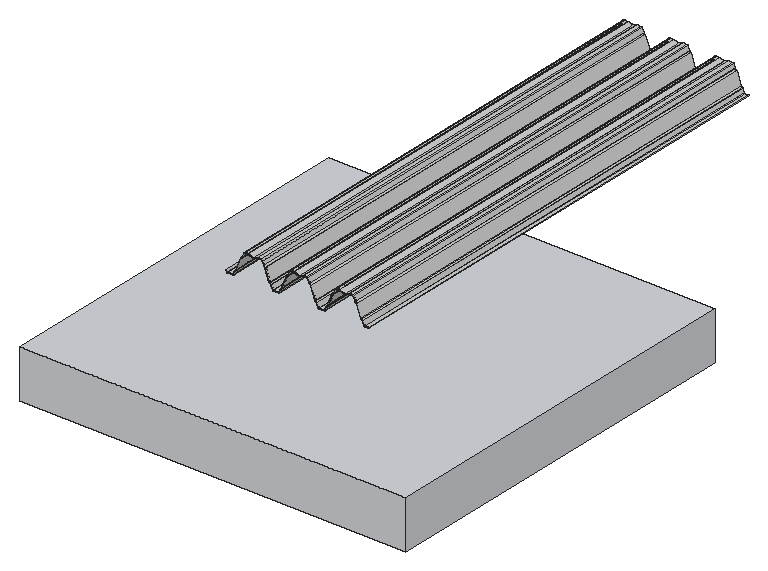
Revit family "Trapézový plech CB 150_290", category Obecné modely, Revit 2016
Family settings
  Hostitel = Plocha
  Typ součásti = Normální
  Může být hostitelem pro výztuž = Ne
  Kóta kulaté spojky = Použít průměr
  Ořezat dutým tvarem při načtení = Ne
  Sdílené = Ne
  Bod výpočtu místnosti = Ne
Parameters
  Šířka prvku - ořezání [instance] = 905 mm
  Šířka [instance] = 880 mm  # constant formula
  Výrobce = "CB profil a. s."  # constant formula
  Default Elevation = 0 mm
  URL = "https://www.cbprofil.cz/vyrobni-program/trapezove-plechy-vyroba-cb/"
  Třída oceli [instance] = Třída oceli : S 320 GD
  Tloušťka [instance] = 1 mm
  Pozitivní [instance] = not(Negativní)  # yes
  Popis = "CB 150/290"
  Negativní [instance] = no
  F2 barva [instance] = Pozink
  F1 barva [instance] = Pozink
  Délka [instance] = 3000 mm
  CB FLIS [instance] = no
Reference planes
  plane 1 "Střed (vpředu/vzadu)": y = 0
  plane 2: z = 0
  plane 3 "Střed (vlevo/vpravo)": x = 0
  plane 4 "trapézový plech": z = 0
  plane 5 "oříznutí": x = -905
  plane 6: x = -1219.2
  plane 7: x = -869
  plane 8: z = 151.296
Forms (mm)
  Extrusion 1, solid
    sketch origin (0, 0, 0) x (1, 0, 0) y (0, 1, 0)
      loop
        line (-1219.2, 1219.2) -> (-1219.2, -1219.2) -> (1219.2, -1219.2) -> (1219.2, 1219.2) -> (-1219.2, 1219.2)
    from 0 to -304.8
  Sweep 2, solid, material "Pozink" <- "F2 barva", visible <- "Pozitivní"
    path origin (0, 0, 0) x (-1, 0, 0) y (0, -1, 0)
      loop
        line (0, 0) -> (0, -3000)
    profile "CB 150_290 : CB 150_290" origin (0, 1500, 0) x (-1, 0, 0) y (0, 0, 1)
      loop
        line (895.142, 15.036) -> (894.202, 15.378) -> (889.927, 3.632)
        arc (889.927, 3.632) -> (888.463, 1.723) -> (886.168, 1) r 4
        line (886.168, 1) -> (868.818, 1) -> (851.468, 1)
        arc (851.468, 1) -> (849.173, 1.723) -> (847.709, 3.632) r 4
        line (847.709, 3.632) -> (839.159, 27.124)
        arc (839.159, 27.124) -> (838.678, 28.1) -> (837.996, 28.949) r 5
        line (837.996, 28.949) -> (828.802, 38.144)
        arc (828.802, 38.144) -> (828.257, 38.823) -> (827.872, 39.604) r 4
        line (827.872, 39.604) -> (801.874, 111.035)
        arc (801.874, 111.035) -> (801.392, 112.011) -> (800.711, 112.86) r 5
        line (800.711, 112.86) -> (791.518, 122.053)
        arc (791.518, 122.053) -> (790.973, 122.732) -> (790.588, 123.514) r 4
        line (790.588, 123.514) -> (782.038, 147.006)
        arc (782.038, 147.006) -> (780.207, 149.392) -> (777.339, 150.296) r 5
        line (777.339, 150.296) -> (754.017, 150.296)
        arc (754.017, 150.296) -> (753.177, 150.225) -> (752.36, 150.013) r 5
        line (752.36, 150.013) -> (725.341, 140.522)
        arc (725.341, 140.522) -> (724.015, 140.295) -> (722.689, 140.522) r 4
        line (722.689, 140.522) -> (695.67, 150.013)
        arc (695.67, 150.013) -> (694.853, 150.225) -> (694.013, 150.296) r 5
        line (694.013, 150.296) -> (670.691, 150.296)
        arc (670.691, 150.296) -> (667.823, 149.392) -> (665.992, 147.006) r 5
        line (665.992, 147.006) -> (657.442, 123.514)
        arc (657.442, 123.514) -> (657.057, 122.732) -> (656.512, 122.053) r 4
        line (656.512, 122.053) -> (647.319, 112.86)
        arc (647.319, 112.86) -> (646.638, 112.011) -> (646.156, 111.035) r 5
        line (646.156, 111.035) -> (620.158, 39.604)
        arc (620.158, 39.604) -> (619.773, 38.823) -> (619.228, 38.144) r 4
        line (619.228, 38.144) -> (610.034, 28.949)
        arc (610.034, 28.949) -> (609.352, 28.1) -> (608.871, 27.124) r 5
        line (608.871, 27.124) -> (600.321, 3.632)
        arc (600.321, 3.632) -> (598.857, 1.723) -> (596.562, 1) r 4
        line (596.562, 1) -> (579.212, 1) -> (561.862, 1)
        arc (561.862, 1) -> (559.567, 1.723) -> (558.103, 3.632) r 4
        line (558.103, 3.632) -> (549.553, 27.124)
        arc (549.553, 27.124) -> (549.072, 28.1) -> (548.39, 28.949) r 5
        line (548.39, 28.949) -> (539.196, 38.144)
        arc (539.196, 38.144) -> (538.651, 38.823) -> (538.266, 39.604) r 4
        line (538.266, 39.604) -> (512.268, 111.035)
        arc (512.268, 111.035) -> (511.786, 112.011) -> (511.105, 112.86) r 5
        line (511.105, 112.86) -> (501.912, 122.053)
        arc (501.912, 122.053) -> (501.367, 122.732) -> (500.982, 123.514) r 4
        line (500.982, 123.514) -> (492.432, 147.006)
        arc (492.432, 147.006) -> (490.601, 149.392) -> (487.733, 150.296) r 5
        line (487.733, 150.296) -> (464.411, 150.296)
        arc (464.411, 150.296) -> (463.571, 150.225) -> (462.754, 150.013) r 5
        line (462.754, 150.013) -> (435.735, 140.522)
        arc (435.735, 140.522) -> (434.409, 140.295) -> (433.083, 140.522) r 4
        line (433.083, 140.522) -> (406.064, 150.013)
        arc (406.064, 150.013) -> (405.247, 150.225) -> (404.407, 150.296) r 5
        line (404.407, 150.296) -> (381.085, 150.296)
        arc (381.085, 150.296) -> (378.217, 149.392) -> (376.386, 147.006) r 5
        line (376.386, 147.006) -> (367.836, 123.514)
        arc (367.836, 123.514) -> (367.451, 122.732) -> (366.906, 122.053) r 4
        line (366.906, 122.053) -> (357.713, 112.86)
        arc (357.713, 112.86) -> (357.032, 112.011) -> (356.55, 111.035) r 5
        line (356.55, 111.035) -> (330.552, 39.604)
        arc (330.552, 39.604) -> (330.167, 38.823) -> (329.622, 38.144) r 4
        line (329.622, 38.144) -> (320.428, 28.949)
        arc (320.428, 28.949) -> (319.746, 28.1) -> (319.265, 27.124) r 5
        line (319.265, 27.124) -> (310.715, 3.632)
        arc (310.715, 3.632) -> (309.251, 1.723) -> (306.956, 1) r 4
        line (306.956, 1) -> (289.606, 1) -> (272.256, 1)
        arc (272.256, 1) -> (269.961, 1.723) -> (268.497, 3.632) r 4
        line (268.497, 3.632) -> (259.947, 27.124)
        arc (259.947, 27.124) -> (259.466, 28.1) -> (258.784, 28.949) r 5
        line (258.784, 28.949) -> (249.59, 38.144)
        arc (249.59, 38.144) -> (249.045, 38.823) -> (248.66, 39.604) r 4
        line (248.66, 39.604) -> (222.662, 111.035)
        arc (222.662, 111.035) -> (222.18, 112.011) -> (221.499, 112.86) r 5
        line (221.499, 112.86) -> (212.306, 122.053)
        arc (212.306, 122.053) -> (211.761, 122.732) -> (211.376, 123.514) r 4
        line (211.376, 123.514) -> (202.826, 147.006)
        arc (202.826, 147.006) -> (200.995, 149.392) -> (198.127, 150.296) r 5
        line (198.127, 150.296) -> (174.805, 150.296)
        arc (174.805, 150.296) -> (173.965, 150.225) -> (173.148, 150.013) r 5
        line (173.148, 150.013) -> (146.129, 140.522)
        arc (146.129, 140.522) -> (144.803, 140.295) -> (143.477, 140.522) r 4
        line (143.477, 140.522) -> (116.458, 150.013)
        arc (116.458, 150.013) -> (115.641, 150.225) -> (114.801, 150.296) r 5
        line (114.801, 150.296) -> (91.479, 150.296)
        arc (91.479, 150.296) -> (88.611, 149.392) -> (86.78, 147.006) r 5
        line (86.78, 147.006) -> (78.23, 123.514)
        arc (78.23, 123.514) -> (77.845, 122.732) -> (77.3, 122.053) r 4
        line (77.3, 122.053) -> (68.107, 112.86)
        arc (68.107, 112.86) -> (67.426, 112.011) -> (66.944, 111.035) r 5
        line (66.944, 111.035) -> (40.946, 39.604)
        arc (40.946, 39.604) -> (40.561, 38.823) -> (40.016, 38.144) r 4
        line (40.016, 38.144) -> (30.822, 28.949)
        arc (30.822, 28.949) -> (30.14, 28.1) -> (29.659, 27.124) r 5
        line (29.659, 27.124) -> (21.109, 3.632)
        arc (21.109, 3.632) -> (19.645, 1.723) -> (17.35, 1) r 4
        line (17.35, 1) -> (0, 1) -> (-6, 1) -> (-6, 0) -> (0, 0) -> (17.35, 0)
        arc (17.35, 0) -> (20.218, 0.904) -> (22.049, 3.29) r 5
        line (22.049, 3.29) -> (30.599, 26.782)
        arc (30.599, 26.782) -> (30.984, 27.563) -> (31.529, 28.242) r 4
        line (31.529, 28.242) -> (40.723, 37.437)
        arc (40.723, 37.437) -> (41.404, 38.286) -> (41.886, 39.262) r 5
        line (41.886, 39.262) -> (67.884, 110.693)
        arc (67.884, 110.693) -> (68.269, 111.474) -> (68.814, 112.153) r 4
        line (68.814, 112.153) -> (78.007, 121.346)
        arc (78.007, 121.346) -> (78.689, 122.195) -> (79.17, 123.172) r 5
        line (79.17, 123.172) -> (87.72, 146.664)
        arc (87.72, 146.664) -> (89.184, 148.573) -> (91.479, 149.296) r 4
        line (91.479, 149.296) -> (114.801, 149.296)
        arc (114.801, 149.296) -> (115.473, 149.239) -> (116.126, 149.07) r 4
        line (116.126, 149.07) -> (143.146, 139.578)
        arc (143.146, 139.578) -> (144.803, 139.295) -> (146.46, 139.578) r 5
        line (146.46, 139.578) -> (173.48, 149.07)
        arc (173.48, 149.07) -> (174.133, 149.239) -> (174.805, 149.296) r 4
        line (174.805, 149.296) -> (198.127, 149.296)
        arc (198.127, 149.296) -> (200.422, 148.573) -> (201.886, 146.664) r 4
        line (201.886, 146.664) -> (210.436, 123.172)
        arc (210.436, 123.172) -> (210.917, 122.195) -> (211.599, 121.346) r 5
        line (211.599, 121.346) -> (220.792, 112.153)
        arc (220.792, 112.153) -> (221.337, 111.474) -> (221.722, 110.693) r 4
        line (221.722, 110.693) -> (247.72, 39.262)
        arc (247.72, 39.262) -> (248.202, 38.286) -> (248.883, 37.437) r 5
        line (248.883, 37.437) -> (258.077, 28.242)
        arc (258.077, 28.242) -> (258.622, 27.563) -> (259.007, 26.782) r 4
        line (259.007, 26.782) -> (267.557, 3.29)
        arc (267.557, 3.29) -> (269.388, 0.904) -> (272.256, 0) r 5
        line (272.256, 0) -> (289.606, 0) -> (306.956, 0)
        arc (306.956, 0) -> (309.824, 0.904) -> (311.655, 3.29) r 5
        line (311.655, 3.29) -> (320.205, 26.782)
        arc (320.205, 26.782) -> (320.59, 27.563) -> (321.135, 28.242) r 4
        line (321.135, 28.242) -> (330.329, 37.437)
        arc (330.329, 37.437) -> (331.01, 38.286) -> (331.492, 39.262) r 5
        line (331.492, 39.262) -> (357.49, 110.693)
        arc (357.49, 110.693) -> (357.875, 111.474) -> (358.42, 112.153) r 4
        line (358.42, 112.153) -> (367.613, 121.346)
        arc (367.613, 121.346) -> (368.295, 122.195) -> (368.776, 123.172) r 5
        line (368.776, 123.172) -> (377.326, 146.664)
        arc (377.326, 146.664) -> (378.79, 148.573) -> (381.085, 149.296) r 4
        line (381.085, 149.296) -> (404.407, 149.296)
        arc (404.407, 149.296) -> (405.079, 149.239) -> (405.732, 149.07) r 4
        line (405.732, 149.07) -> (432.752, 139.578)
        arc (432.752, 139.578) -> (434.409, 139.295) -> (436.066, 139.578) r 5
        line (436.066, 139.578) -> (463.086, 149.07)
        arc (463.086, 149.07) -> (463.739, 149.239) -> (464.411, 149.296) r 4
        line (464.411, 149.296) -> (487.733, 149.296)
        arc (487.733, 149.296) -> (490.028, 148.573) -> (491.492, 146.664) r 4
        line (491.492, 146.664) -> (500.042, 123.172)
        arc (500.042, 123.172) -> (500.523, 122.195) -> (501.205, 121.346) r 5
        line (501.205, 121.346) -> (510.398, 112.153)
        arc (510.398, 112.153) -> (510.943, 111.474) -> (511.328, 110.693) r 4
        line (511.328, 110.693) -> (537.326, 39.262)
        arc (537.326, 39.262) -> (537.808, 38.286) -> (538.489, 37.437) r 5
        line (538.489, 37.437) -> (547.683, 28.242)
        arc (547.683, 28.242) -> (548.228, 27.563) -> (548.613, 26.782) r 4
        line (548.613, 26.782) -> (557.163, 3.29)
        arc (557.163, 3.29) -> (558.994, 0.904) -> (561.862, 0) r 5
        line (561.862, 0) -> (579.212, 0) -> (596.562, 0)
        arc (596.562, 0) -> (599.43, 0.904) -> (601.261, 3.29) r 5
        line (601.261, 3.29) -> (609.811, 26.782)
        arc (609.811, 26.782) -> (610.196, 27.563) -> (610.741, 28.242) r 4
        line (610.741, 28.242) -> (619.935, 37.437)
        arc (619.935, 37.437) -> (620.616, 38.286) -> (621.098, 39.262) r 5
        line (621.098, 39.262) -> (647.096, 110.693)
        arc (647.096, 110.693) -> (647.481, 111.474) -> (648.026, 112.153) r 4
        line (648.026, 112.153) -> (657.219, 121.346)
        arc (657.219, 121.346) -> (657.901, 122.195) -> (658.382, 123.172) r 5
        line (658.382, 123.172) -> (666.932, 146.664)
        arc (666.932, 146.664) -> (668.396, 148.573) -> (670.691, 149.296) r 4
        line (670.691, 149.296) -> (694.013, 149.296)
        arc (694.013, 149.296) -> (694.685, 149.239) -> (695.338, 149.07) r 4
        line (695.338, 149.07) -> (722.358, 139.578)
        arc (722.358, 139.578) -> (724.015, 139.295) -> (725.672, 139.578) r 5
        line (725.672, 139.578) -> (752.692, 149.07)
        arc (752.692, 149.07) -> (753.345, 149.239) -> (754.017, 149.296) r 4
        line (754.017, 149.296) -> (777.339, 149.296)
        arc (777.339, 149.296) -> (779.634, 148.573) -> (781.098, 146.664) r 4
        line (781.098, 146.664) -> (789.648, 123.172)
        arc (789.648, 123.172) -> (790.129, 122.195) -> (790.811, 121.346) r 5
        line (790.811, 121.346) -> (800.004, 112.153)
        arc (800.004, 112.153) -> (800.549, 111.474) -> (800.934, 110.693) r 4
        line (800.934, 110.693) -> (826.932, 39.262)
        arc (826.932, 39.262) -> (827.414, 38.286) -> (828.095, 37.437) r 5
        line (828.095, 37.437) -> (837.289, 28.242)
        arc (837.289, 28.242) -> (837.834, 27.563) -> (838.219, 26.782) r 4
        line (838.219, 26.782) -> (846.769, 3.29)
        arc (846.769, 3.29) -> (848.6, 0.904) -> (851.468, 0) r 5
        line (851.468, 0) -> (868.818, 0) -> (886.168, 0)
        arc (886.168, 0) -> (889.036, 0.904) -> (890.867, 3.29) r 5
        line (890.867, 3.29) -> (895.142, 15.036)
  Extrusion 3, void
    sketch origin (0, 0, 0) x (1, 0, 0) y (0, 0, 1)
      loop
        line (-1219.2, 0) -> (-905, 0) -> (-905, 151.296) -> (-1219.2, 151.296) -> (-1219.2, 0)
    from 0 to -3000
  Sweep 4, solid, material "Pozink" <- "F2 barva", visible <- "Negativní"
    path origin (0, 0, 0) x (-1, 0, 0) y (0, -1, 0)
      loop
        line (0, 0) -> (0, -3000)
    profile "CB 150_290_neg : CB 150_290_neg" origin (0, 1500, 0) x (-1, 0, 0) y (0, 0, 1)
      loop
        line (895.142, 135.26) -> (890.867, 147.006)
        arc (890.867, 147.006) -> (889.036, 149.392) -> (886.168, 150.296) r 5
        line (886.168, 150.296) -> (868.818, 150.296) -> (851.468, 150.296)
        arc (851.468, 150.296) -> (848.6, 149.392) -> (846.769, 147.006) r 5
        line (846.769, 147.006) -> (838.219, 123.514)
        arc (838.219, 123.514) -> (837.834, 122.733) -> (837.289, 122.054) r 4
        line (837.289, 122.054) -> (828.095, 112.859)
        arc (828.095, 112.859) -> (827.414, 112.01) -> (826.932, 111.034) r 5
        line (826.932, 111.034) -> (800.934, 39.603)
        arc (800.934, 39.603) -> (800.549, 38.822) -> (800.004, 38.143) r 4
        line (800.004, 38.143) -> (790.811, 28.95)
        arc (790.811, 28.95) -> (790.129, 28.101) -> (789.648, 27.124) r 5
        line (789.648, 27.124) -> (781.098, 3.632)
        arc (781.098, 3.632) -> (779.634, 1.723) -> (777.339, 1) r 4
        line (777.339, 1) -> (754.017, 1)
        arc (754.017, 1) -> (753.345, 1.057) -> (752.692, 1.226) r 4
        line (752.692, 1.226) -> (725.672, 10.718)
        arc (725.672, 10.718) -> (724.015, 11.001) -> (722.358, 10.718) r 5
        line (722.358, 10.718) -> (695.338, 1.226)
        arc (695.338, 1.226) -> (694.685, 1.057) -> (694.013, 1) r 4
        line (694.013, 1) -> (670.691, 1)
        arc (670.691, 1) -> (668.396, 1.723) -> (666.932, 3.632) r 4
        line (666.932, 3.632) -> (658.382, 27.124)
        arc (658.382, 27.124) -> (657.901, 28.101) -> (657.219, 28.95) r 5
        line (657.219, 28.95) -> (648.026, 38.143)
        arc (648.026, 38.143) -> (647.481, 38.822) -> (647.096, 39.603) r 4
        line (647.096, 39.603) -> (621.098, 111.034)
        arc (621.098, 111.034) -> (620.616, 112.01) -> (619.935, 112.859) r 5
        line (619.935, 112.859) -> (610.741, 122.054)
        arc (610.741, 122.054) -> (610.196, 122.733) -> (609.811, 123.514) r 4
        line (609.811, 123.514) -> (601.261, 147.006)
        arc (601.261, 147.006) -> (599.43, 149.392) -> (596.562, 150.296) r 5
        line (596.562, 150.296) -> (579.212, 150.296) -> (561.862, 150.296)
        arc (561.862, 150.296) -> (558.994, 149.392) -> (557.163, 147.006) r 5
        line (557.163, 147.006) -> (548.613, 123.514)
        arc (548.613, 123.514) -> (548.228, 122.733) -> (547.683, 122.054) r 4
        line (547.683, 122.054) -> (538.489, 112.859)
        arc (538.489, 112.859) -> (537.808, 112.01) -> (537.326, 111.034) r 5
        line (537.326, 111.034) -> (511.328, 39.603)
        arc (511.328, 39.603) -> (510.943, 38.822) -> (510.398, 38.143) r 4
        line (510.398, 38.143) -> (501.205, 28.95)
        arc (501.205, 28.95) -> (500.523, 28.101) -> (500.042, 27.124) r 5
        line (500.042, 27.124) -> (491.492, 3.632)
        arc (491.492, 3.632) -> (490.028, 1.723) -> (487.733, 1) r 4
        line (487.733, 1) -> (464.411, 1)
        arc (464.411, 1) -> (463.739, 1.057) -> (463.086, 1.226) r 4
        line (463.086, 1.226) -> (436.066, 10.718)
        arc (436.066, 10.718) -> (434.409, 11.001) -> (432.752, 10.718) r 5
        line (432.752, 10.718) -> (405.732, 1.226)
        arc (405.732, 1.226) -> (405.079, 1.057) -> (404.407, 1) r 4
        line (404.407, 1) -> (381.085, 1)
        arc (381.085, 1) -> (378.79, 1.723) -> (377.326, 3.632) r 4
        line (377.326, 3.632) -> (368.776, 27.124)
        arc (368.776, 27.124) -> (368.295, 28.101) -> (367.613, 28.95) r 5
        line (367.613, 28.95) -> (358.42, 38.143)
        arc (358.42, 38.143) -> (357.875, 38.822) -> (357.49, 39.603) r 4
        line (357.49, 39.603) -> (331.492, 111.034)
        arc (331.492, 111.034) -> (331.01, 112.01) -> (330.329, 112.859) r 5
        line (330.329, 112.859) -> (321.135, 122.054)
        arc (321.135, 122.054) -> (320.59, 122.733) -> (320.205, 123.514) r 4
        line (320.205, 123.514) -> (311.655, 147.006)
        arc (311.655, 147.006) -> (309.824, 149.392) -> (306.956, 150.296) r 5
        line (306.956, 150.296) -> (289.606, 150.296) -> (272.256, 150.296)
        arc (272.256, 150.296) -> (269.388, 149.392) -> (267.557, 147.006) r 5
        line (267.557, 147.006) -> (259.007, 123.514)
        arc (259.007, 123.514) -> (258.622, 122.733) -> (258.077, 122.054) r 4
        line (258.077, 122.054) -> (248.883, 112.859)
        arc (248.883, 112.859) -> (248.202, 112.01) -> (247.72, 111.034) r 5
        line (247.72, 111.034) -> (221.722, 39.603)
        arc (221.722, 39.603) -> (221.337, 38.822) -> (220.792, 38.143) r 4
        line (220.792, 38.143) -> (211.599, 28.95)
        arc (211.599, 28.95) -> (210.917, 28.101) -> (210.436, 27.124) r 5
        line (210.436, 27.124) -> (201.886, 3.632)
        arc (201.886, 3.632) -> (200.422, 1.723) -> (198.127, 1) r 4
        line (198.127, 1) -> (174.805, 1)
        arc (174.805, 1) -> (174.133, 1.057) -> (173.48, 1.226) r 4
        line (173.48, 1.226) -> (146.46, 10.718)
        arc (146.46, 10.718) -> (144.803, 11.001) -> (143.146, 10.718) r 5
        line (143.146, 10.718) -> (116.126, 1.226)
        arc (116.126, 1.226) -> (115.473, 1.057) -> (114.801, 1) r 4
        line (114.801, 1) -> (91.479, 1)
        arc (91.479, 1) -> (89.184, 1.723) -> (87.72, 3.632) r 4
        line (87.72, 3.632) -> (79.17, 27.124)
        arc (79.17, 27.124) -> (78.689, 28.101) -> (78.007, 28.95) r 5
        line (78.007, 28.95) -> (68.814, 38.143)
        arc (68.814, 38.143) -> (68.269, 38.822) -> (67.884, 39.603) r 4
        line (67.884, 39.603) -> (41.886, 111.034)
        arc (41.886, 111.034) -> (41.404, 112.01) -> (40.723, 112.859) r 5
        line (40.723, 112.859) -> (31.529, 122.054)
        arc (31.529, 122.054) -> (30.984, 122.733) -> (30.599, 123.514) r 4
        line (30.599, 123.514) -> (22.049, 147.006)
        arc (22.049, 147.006) -> (20.218, 149.392) -> (17.35, 150.296) r 5
        line (17.35, 150.296) -> (0, 150.296) -> (-6, 150.296) -> (-6, 149.296) -> (0, 149.296) -> (17.35, 149.296)
        arc (17.35, 149.296) -> (19.645, 148.573) -> (21.109, 146.664) r 4
        line (21.109, 146.664) -> (29.659, 123.172)
        arc (29.659, 123.172) -> (30.14, 122.196) -> (30.822, 121.347) r 5
        line (30.822, 121.347) -> (40.016, 112.152)
        arc (40.016, 112.152) -> (40.561, 111.473) -> (40.946, 110.692) r 4
        line (40.946, 110.692) -> (66.944, 39.261)
        arc (66.944, 39.261) -> (67.426, 38.285) -> (68.107, 37.436) r 5
        line (68.107, 37.436) -> (77.3, 28.243)
        arc (77.3, 28.243) -> (77.845, 27.564) -> (78.23, 26.782) r 4
        line (78.23, 26.782) -> (86.78, 3.29)
        arc (86.78, 3.29) -> (88.611, 0.904) -> (91.479, 0) r 5
        line (91.479, 0) -> (114.801, 0)
        arc (114.801, 0) -> (115.641, 0.071) -> (116.458, 0.283) r 5
        line (116.458, 0.283) -> (143.477, 9.774)
        arc (143.477, 9.774) -> (144.803, 10.001) -> (146.129, 9.774) r 4
        line (146.129, 9.774) -> (173.148, 0.283)
        arc (173.148, 0.283) -> (173.965, 0.071) -> (174.805, 0) r 5
        line (174.805, 0) -> (198.127, 0)
        arc (198.127, 0) -> (200.995, 0.904) -> (202.826, 3.29) r 5
        line (202.826, 3.29) -> (211.376, 26.782)
        arc (211.376, 26.782) -> (211.761, 27.564) -> (212.306, 28.243) r 4
        line (212.306, 28.243) -> (221.499, 37.436)
        arc (221.499, 37.436) -> (222.18, 38.285) -> (222.662, 39.261) r 5
        line (222.662, 39.261) -> (248.66, 110.692)
        arc (248.66, 110.692) -> (249.045, 111.473) -> (249.59, 112.152) r 4
        line (249.59, 112.152) -> (258.784, 121.347)
        arc (258.784, 121.347) -> (259.466, 122.196) -> (259.947, 123.172) r 5
        line (259.947, 123.172) -> (268.497, 146.664)
        arc (268.497, 146.664) -> (269.961, 148.573) -> (272.256, 149.296) r 4
        line (272.256, 149.296) -> (289.606, 149.296) -> (306.956, 149.296)
        arc (306.956, 149.296) -> (309.251, 148.573) -> (310.715, 146.664) r 4
        line (310.715, 146.664) -> (319.265, 123.172)
        arc (319.265, 123.172) -> (319.746, 122.196) -> (320.428, 121.347) r 5
        line (320.428, 121.347) -> (329.622, 112.152)
        arc (329.622, 112.152) -> (330.167, 111.473) -> (330.552, 110.692) r 4
        line (330.552, 110.692) -> (356.55, 39.261)
        arc (356.55, 39.261) -> (357.032, 38.285) -> (357.713, 37.436) r 5
        line (357.713, 37.436) -> (366.906, 28.243)
        arc (366.906, 28.243) -> (367.451, 27.564) -> (367.836, 26.782) r 4
        line (367.836, 26.782) -> (376.386, 3.29)
        arc (376.386, 3.29) -> (378.217, 0.904) -> (381.085, 0) r 5
        line (381.085, 0) -> (404.407, 0)
        arc (404.407, 0) -> (405.247, 0.071) -> (406.064, 0.283) r 5
        line (406.064, 0.283) -> (433.083, 9.774)
        arc (433.083, 9.774) -> (434.409, 10.001) -> (435.735, 9.774) r 4
        line (435.735, 9.774) -> (462.754, 0.283)
        arc (462.754, 0.283) -> (463.571, 0.071) -> (464.411, 0) r 5
        line (464.411, 0) -> (487.733, 0)
        arc (487.733, 0) -> (490.601, 0.904) -> (492.432, 3.29) r 5
        line (492.432, 3.29) -> (500.982, 26.782)
        arc (500.982, 26.782) -> (501.367, 27.564) -> (501.912, 28.243) r 4
        line (501.912, 28.243) -> (511.105, 37.436)
        arc (511.105, 37.436) -> (511.786, 38.285) -> (512.268, 39.261) r 5
        line (512.268, 39.261) -> (538.266, 110.692)
        arc (538.266, 110.692) -> (538.651, 111.473) -> (539.196, 112.152) r 4
        line (539.196, 112.152) -> (548.39, 121.347)
        arc (548.39, 121.347) -> (549.072, 122.196) -> (549.553, 123.172) r 5
        line (549.553, 123.172) -> (558.103, 146.664)
        arc (558.103, 146.664) -> (559.567, 148.573) -> (561.862, 149.296) r 4
        line (561.862, 149.296) -> (579.212, 149.296) -> (596.562, 149.296)
        arc (596.562, 149.296) -> (598.857, 148.573) -> (600.321, 146.664) r 4
        line (600.321, 146.664) -> (608.871, 123.172)
        arc (608.871, 123.172) -> (609.352, 122.196) -> (610.034, 121.347) r 5
        line (610.034, 121.347) -> (619.228, 112.152)
        arc (619.228, 112.152) -> (619.773, 111.473) -> (620.158, 110.692) r 4
        line (620.158, 110.692) -> (646.156, 39.261)
        arc (646.156, 39.261) -> (646.638, 38.285) -> (647.319, 37.436) r 5
        line (647.319, 37.436) -> (656.512, 28.243)
        arc (656.512, 28.243) -> (657.057, 27.564) -> (657.442, 26.782) r 4
        line (657.442, 26.782) -> (665.992, 3.29)
        arc (665.992, 3.29) -> (667.823, 0.904) -> (670.691, 0) r 5
        line (670.691, 0) -> (694.013, 0)
        arc (694.013, 0) -> (694.853, 0.071) -> (695.67, 0.283) r 5
        line (695.67, 0.283) -> (722.689, 9.774)
        arc (722.689, 9.774) -> (724.015, 10.001) -> (725.341, 9.774) r 4
        line (725.341, 9.774) -> (752.36, 0.283)
        arc (752.36, 0.283) -> (753.177, 0.071) -> (754.017, 0) r 5
        line (754.017, 0) -> (777.339, 0)
        arc (777.339, 0) -> (780.207, 0.904) -> (782.038, 3.29) r 5
        line (782.038, 3.29) -> (790.588, 26.782)
        arc (790.588, 26.782) -> (790.973, 27.564) -> (791.518, 28.243) r 4
        line (791.518, 28.243) -> (800.711, 37.436)
        arc (800.711, 37.436) -> (801.392, 38.285) -> (801.874, 39.261) r 5
        line (801.874, 39.261) -> (827.872, 110.692)
        arc (827.872, 110.692) -> (828.257, 111.473) -> (828.802, 112.152) r 4
        line (828.802, 112.152) -> (837.996, 121.347)
        arc (837.996, 121.347) -> (838.678, 122.196) -> (839.159, 123.172) r 5
        line (839.159, 123.172) -> (847.709, 146.664)
        arc (847.709, 146.664) -> (849.173, 148.573) -> (851.468, 149.296) r 4
        line (851.468, 149.296) -> (868.818, 149.296) -> (886.168, 149.296)
        arc (886.168, 149.296) -> (888.463, 148.573) -> (889.927, 146.664) r 4
        line (889.927, 146.664) -> (894.202, 134.918) -> (895.142, 135.26)
  Sweep 5, solid, material "Pozink" <- "F1 barva", visible <- "Pozitivní"
    path origin (0, 0, 0) x (-1, 0, 0) y (0, -1, 0)
      loop
        line (0, 0) -> (0, -3000)
    profile "CB 150_290_F1 : CB 150_290_F1" origin (0, 1500, 0) x (-1, 0, 0) y (0, 0, 1)
      loop
        line (-6, 1) -> (0, 1) -> (17.35, 1)
        arc (17.35, 1) -> (19.645, 1.723) -> (21.109, 3.632) r 4
        line (21.109, 3.632) -> (29.659, 27.124)
        arc (29.659, 27.124) -> (30.14, 28.1) -> (30.822, 28.949) r 5
        line (30.822, 28.949) -> (40.016, 38.144)
        arc (40.016, 38.144) -> (40.561, 38.823) -> (40.946, 39.604) r 4
        line (40.946, 39.604) -> (66.944, 111.035)
        arc (66.944, 111.035) -> (67.426, 112.011) -> (68.107, 112.86) r 5
        line (68.107, 112.86) -> (77.3, 122.053)
        arc (77.3, 122.053) -> (77.845, 122.732) -> (78.23, 123.514) r 4
        line (78.23, 123.514) -> (86.78, 147.006)
        arc (86.78, 147.006) -> (88.611, 149.392) -> (91.479, 150.296) r 5
        line (91.479, 150.296) -> (114.801, 150.296)
        arc (114.801, 150.296) -> (115.641, 150.225) -> (116.458, 150.013) r 5
        line (116.458, 150.013) -> (143.477, 140.522)
        arc (143.477, 140.522) -> (144.803, 140.295) -> (146.129, 140.522) r 4
        line (146.129, 140.522) -> (173.148, 150.013)
        arc (173.148, 150.013) -> (173.965, 150.225) -> (174.805, 150.296) r 5
        line (174.805, 150.296) -> (198.127, 150.296)
        arc (198.127, 150.296) -> (200.995, 149.392) -> (202.826, 147.006) r 5
        line (202.826, 147.006) -> (211.376, 123.514)
        arc (211.376, 123.514) -> (211.761, 122.732) -> (212.306, 122.053) r 4
        line (212.306, 122.053) -> (221.499, 112.86)
        arc (221.499, 112.86) -> (222.18, 112.011) -> (222.662, 111.035) r 5
        line (222.662, 111.035) -> (248.66, 39.604)
        arc (248.66, 39.604) -> (249.045, 38.823) -> (249.59, 38.144) r 4
        line (249.59, 38.144) -> (258.784, 28.949)
        arc (258.784, 28.949) -> (259.466, 28.1) -> (259.947, 27.124) r 5
        line (259.947, 27.124) -> (268.497, 3.632)
        arc (268.497, 3.632) -> (269.961, 1.723) -> (272.256, 1) r 4
        line (272.256, 1) -> (289.606, 1) -> (306.956, 1)
        arc (306.956, 1) -> (309.251, 1.723) -> (310.715, 3.632) r 4
        line (310.715, 3.632) -> (319.265, 27.124)
        arc (319.265, 27.124) -> (319.746, 28.1) -> (320.428, 28.949) r 5
        line (320.428, 28.949) -> (329.622, 38.144)
        arc (329.622, 38.144) -> (330.167, 38.823) -> (330.552, 39.604) r 4
        line (330.552, 39.604) -> (356.55, 111.035)
        arc (356.55, 111.035) -> (357.032, 112.011) -> (357.713, 112.86) r 5
        line (357.713, 112.86) -> (366.906, 122.053)
        arc (366.906, 122.053) -> (367.451, 122.732) -> (367.836, 123.514) r 4
        line (367.836, 123.514) -> (376.386, 147.006)
        arc (376.386, 147.006) -> (378.217, 149.392) -> (381.085, 150.296) r 5
        line (381.085, 150.296) -> (404.407, 150.296)
        arc (404.407, 150.296) -> (405.247, 150.225) -> (406.064, 150.013) r 5
        line (406.064, 150.013) -> (433.083, 140.522)
        arc (433.083, 140.522) -> (434.409, 140.295) -> (435.735, 140.522) r 4
        line (435.735, 140.522) -> (462.754, 150.013)
        arc (462.754, 150.013) -> (463.571, 150.225) -> (464.411, 150.296) r 5
        line (464.411, 150.296) -> (487.733, 150.296)
        arc (487.733, 150.296) -> (490.601, 149.392) -> (492.432, 147.006) r 5
        line (492.432, 147.006) -> (500.982, 123.514)
        arc (500.982, 123.514) -> (501.367, 122.732) -> (501.912, 122.053) r 4
        line (501.912, 122.053) -> (511.105, 112.86)
        arc (511.105, 112.86) -> (511.786, 112.011) -> (512.268, 111.035) r 5
        line (512.268, 111.035) -> (538.266, 39.604)
        arc (538.266, 39.604) -> (538.651, 38.823) -> (539.196, 38.144) r 4
        line (539.196, 38.144) -> (548.39, 28.949)
        arc (548.39, 28.949) -> (549.072, 28.1) -> (549.553, 27.124) r 5
        line (549.553, 27.124) -> (558.103, 3.632)
        arc (558.103, 3.632) -> (559.567, 1.723) -> (561.862, 1) r 4
        line (561.862, 1) -> (579.212, 1) -> (596.562, 1)
        arc (596.562, 1) -> (598.857, 1.723) -> (600.321, 3.632) r 4
        line (600.321, 3.632) -> (608.871, 27.124)
        arc (608.871, 27.124) -> (609.352, 28.1) -> (610.034, 28.949) r 5
        line (610.034, 28.949) -> (619.228, 38.144)
        arc (619.228, 38.144) -> (619.773, 38.823) -> (620.158, 39.604) r 4
        line (620.158, 39.604) -> (646.156, 111.035)
        arc (646.156, 111.035) -> (646.638, 112.011) -> (647.319, 112.86) r 5
        line (647.319, 112.86) -> (656.512, 122.053)
        arc (656.512, 122.053) -> (657.057, 122.732) -> (657.442, 123.514) r 4
        line (657.442, 123.514) -> (665.992, 147.006)
        arc (665.992, 147.006) -> (667.823, 149.392) -> (670.691, 150.296) r 5
        line (670.691, 150.296) -> (694.013, 150.296)
        arc (694.013, 150.296) -> (694.853, 150.225) -> (695.67, 150.013) r 5
        line (695.67, 150.013) -> (722.689, 140.522)
        arc (722.689, 140.522) -> (724.015, 140.295) -> (725.341, 140.522) r 4
        line (725.341, 140.522) -> (752.36, 150.013)
        arc (752.36, 150.013) -> (753.177, 150.225) -> (754.017, 150.296) r 5
        line (754.017, 150.296) -> (777.339, 150.296)
        arc (777.339, 150.296) -> (780.207, 149.392) -> (782.038, 147.006) r 5
        line (782.038, 147.006) -> (790.588, 123.514)
        arc (790.588, 123.514) -> (790.973, 122.732) -> (791.518, 122.053) r 4
        line (791.518, 122.053) -> (800.711, 112.86)
        arc (800.711, 112.86) -> (801.392, 112.011) -> (801.874, 111.035) r 5
        line (801.874, 111.035) -> (827.872, 39.604)
        arc (827.872, 39.604) -> (828.257, 38.823) -> (828.802, 38.144) r 4
        line (828.802, 38.144) -> (837.996, 28.949)
        arc (837.996, 28.949) -> (838.678, 28.1) -> (839.159, 27.124) r 5
        line (839.159, 27.124) -> (847.709, 3.632)
        arc (847.709, 3.632) -> (849.173, 1.723) -> (851.468, 1) r 4
        line (851.468, 1) -> (868.818, 1) -> (886.168, 1)
        arc (886.168, 1) -> (888.463, 1.723) -> (889.927, 3.632) r 4
        line (889.927, 3.632) -> (894.202, 15.378) -> (893.262, 15.72) -> (888.987, 3.974)
        arc (888.987, 3.974) -> (887.889, 2.543) -> (886.168, 2) r 3
        line (886.168, 2) -> (868.818, 2) -> (851.468, 2)
        arc (851.468, 2) -> (849.747, 2.543) -> (848.649, 3.974) r 3
        line (848.649, 3.974) -> (840.099, 27.466)
        arc (840.099, 27.466) -> (839.521, 28.637) -> (838.703, 29.656) r 6
        line (838.703, 29.656) -> (829.509, 38.851)
        arc (829.509, 38.851) -> (829.101, 39.36) -> (828.812, 39.946) r 3
        line (828.812, 39.946) -> (802.814, 111.377)
        arc (802.814, 111.377) -> (802.236, 112.548) -> (801.418, 113.567) r 6
        line (801.418, 113.567) -> (792.225, 122.76)
        arc (792.225, 122.76) -> (791.816, 123.27) -> (791.527, 123.856) r 3
        line (791.527, 123.856) -> (782.978, 147.348)
        arc (782.978, 147.348) -> (780.781, 150.211) -> (777.339, 151.296) r 6
        line (777.339, 151.296) -> (754.017, 151.296)
        arc (754.017, 151.296) -> (753.009, 151.211) -> (752.029, 150.957) r 6
        line (752.029, 150.957) -> (725.009, 141.465)
        arc (725.009, 141.465) -> (724.015, 141.295) -> (723.021, 141.465) r 3
        line (723.021, 141.465) -> (696.001, 150.957)
        arc (696.001, 150.957) -> (695.021, 151.211) -> (694.013, 151.296) r 6
        line (694.013, 151.296) -> (670.691, 151.296)
        arc (670.691, 151.296) -> (667.249, 150.211) -> (665.052, 147.348) r 6
        line (665.052, 147.348) -> (656.503, 123.856)
        arc (656.503, 123.856) -> (656.214, 123.27) -> (655.805, 122.76) r 3
        line (655.805, 122.76) -> (646.612, 113.567)
        arc (646.612, 113.567) -> (645.794, 112.548) -> (645.216, 111.377) r 6
        line (645.216, 111.377) -> (619.218, 39.946)
        arc (619.218, 39.946) -> (618.929, 39.36) -> (618.521, 38.851) r 3
        line (618.521, 38.851) -> (609.327, 29.656)
        arc (609.327, 29.656) -> (608.509, 28.637) -> (607.931, 27.466) r 6
        line (607.931, 27.466) -> (599.381, 3.974)
        arc (599.381, 3.974) -> (598.283, 2.543) -> (596.562, 2) r 3
        line (596.562, 2) -> (579.212, 2) -> (561.862, 2)
        arc (561.862, 2) -> (560.141, 2.543) -> (559.043, 3.974) r 3
        line (559.043, 3.974) -> (550.493, 27.466)
        arc (550.493, 27.466) -> (549.915, 28.637) -> (549.097, 29.656) r 6
        line (549.097, 29.656) -> (539.903, 38.851)
        arc (539.903, 38.851) -> (539.495, 39.36) -> (539.206, 39.946) r 3
        line (539.206, 39.946) -> (513.208, 111.377)
        arc (513.208, 111.377) -> (512.63, 112.548) -> (511.812, 113.567) r 6
        line (511.812, 113.567) -> (502.619, 122.76)
        arc (502.619, 122.76) -> (502.21, 123.27) -> (501.921, 123.856) r 3
        line (501.921, 123.856) -> (493.372, 147.348)
        arc (493.372, 147.348) -> (491.175, 150.211) -> (487.733, 151.296) r 6
        line (487.733, 151.296) -> (464.411, 151.296)
        arc (464.411, 151.296) -> (463.403, 151.211) -> (462.423, 150.957) r 6
        line (462.423, 150.957) -> (435.403, 141.465)
        arc (435.403, 141.465) -> (434.409, 141.295) -> (433.415, 141.465) r 3
        line (433.415, 141.465) -> (406.395, 150.957)
        arc (406.395, 150.957) -> (405.415, 151.211) -> (404.407, 151.296) r 6
        line (404.407, 151.296) -> (381.085, 151.296)
        arc (381.085, 151.296) -> (377.643, 150.211) -> (375.446, 147.348) r 6
        line (375.446, 147.348) -> (366.897, 123.856)
        arc (366.897, 123.856) -> (366.608, 123.27) -> (366.199, 122.76) r 3
        line (366.199, 122.76) -> (357.006, 113.567)
        arc (357.006, 113.567) -> (356.188, 112.548) -> (355.61, 111.377) r 6
        line (355.61, 111.377) -> (329.612, 39.946)
        arc (329.612, 39.946) -> (329.323, 39.36) -> (328.915, 38.851) r 3
        line (328.915, 38.851) -> (319.721, 29.656)
        arc (319.721, 29.656) -> (318.903, 28.637) -> (318.325, 27.466) r 6
        line (318.325, 27.466) -> (309.775, 3.974)
        arc (309.775, 3.974) -> (308.677, 2.543) -> (306.956, 2) r 3
        line (306.956, 2) -> (289.606, 2) -> (272.256, 2)
        arc (272.256, 2) -> (270.535, 2.543) -> (269.437, 3.974) r 3
        line (269.437, 3.974) -> (260.887, 27.466)
        arc (260.887, 27.466) -> (260.309, 28.637) -> (259.491, 29.656) r 6
        line (259.491, 29.656) -> (250.297, 38.851)
        arc (250.297, 38.851) -> (249.889, 39.36) -> (249.6, 39.946) r 3
        line (249.6, 39.946) -> (223.602, 111.377)
        arc (223.602, 111.377) -> (223.024, 112.548) -> (222.206, 113.567) r 6
        line (222.206, 113.567) -> (213.013, 122.76)
        arc (213.013, 122.76) -> (212.604, 123.27) -> (212.315, 123.856) r 3
        line (212.315, 123.856) -> (203.766, 147.348)
        arc (203.766, 147.348) -> (201.569, 150.211) -> (198.127, 151.296) r 6
        line (198.127, 151.296) -> (174.805, 151.296)
        arc (174.805, 151.296) -> (173.797, 151.211) -> (172.817, 150.957) r 6
        line (172.817, 150.957) -> (145.797, 141.465)
        arc (145.797, 141.465) -> (144.803, 141.295) -> (143.809, 141.465) r 3
        line (143.809, 141.465) -> (116.789, 150.957)
        arc (116.789, 150.957) -> (115.809, 151.211) -> (114.801, 151.296) r 6
        line (114.801, 151.296) -> (91.479, 151.296)
        arc (91.479, 151.296) -> (88.037, 150.211) -> (85.84, 147.348) r 6
        line (85.84, 147.348) -> (77.291, 123.856)
        arc (77.291, 123.856) -> (77.002, 123.27) -> (76.593, 122.76) r 3
        line (76.593, 122.76) -> (67.4, 113.567)
        arc (67.4, 113.567) -> (66.582, 112.548) -> (66.004, 111.377) r 6
        line (66.004, 111.377) -> (40.006, 39.946)
        arc (40.006, 39.946) -> (39.717, 39.36) -> (39.309, 38.851) r 3
        line (39.309, 38.851) -> (30.115, 29.656)
        arc (30.115, 29.656) -> (29.297, 28.637) -> (28.719, 27.466) r 6
        line (28.719, 27.466) -> (20.169, 3.974)
        arc (20.169, 3.974) -> (19.071, 2.543) -> (17.35, 2) r 3
        line (17.35, 2) -> (0, 2) -> (-6, 2) -> (-6, 1)
  Sweep 6, solid, material "Pozink" <- "F1 barva", visible <- "Negativní"
    path origin (0, 0, 0) x (-1, 0, 0) y (0, -1, 0)
      loop
        line (0, 0) -> (0, -3000)
    profile "CB 150_290_neg_F1 : CB 150_290_neg_F1" origin (0, 1500, 0) x (-1, 0, 0) y (0, 0, 1)
      loop
        line (895.142, 135.26) -> (896.081, 135.602) -> (891.807, 147.348)
        arc (891.807, 147.348) -> (889.61, 150.211) -> (886.168, 151.296) r 6
        line (886.168, 151.296) -> (868.818, 151.296) -> (851.468, 151.296)
        arc (851.468, 151.296) -> (848.026, 150.211) -> (845.829, 147.348) r 6
        line (845.829, 147.348) -> (837.28, 123.856)
        arc (837.28, 123.856) -> (836.991, 123.271) -> (836.582, 122.761) r 3
        line (836.582, 122.761) -> (827.388, 113.566)
        arc (827.388, 113.566) -> (826.57, 112.548) -> (825.993, 111.376) r 6
        line (825.993, 111.376) -> (799.995, 39.945)
        arc (799.995, 39.945) -> (799.706, 39.36) -> (799.297, 38.85) r 3
        line (799.297, 38.85) -> (790.104, 29.657)
        arc (790.104, 29.657) -> (789.286, 28.638) -> (788.708, 27.466) r 6
        line (788.708, 27.466) -> (780.158, 3.974)
        arc (780.158, 3.974) -> (779.06, 2.543) -> (777.339, 2) r 3
        line (777.339, 2) -> (754.017, 2)
        arc (754.017, 2) -> (753.513, 2.043) -> (753.023, 2.17) r 3
        line (753.023, 2.17) -> (726.004, 11.661)
        arc (726.004, 11.661) -> (724.015, 12.001) -> (722.026, 11.661) r 6
        line (722.026, 11.661) -> (695.007, 2.17)
        arc (695.007, 2.17) -> (694.517, 2.043) -> (694.013, 2) r 3
        line (694.013, 2) -> (670.691, 2)
        arc (670.691, 2) -> (668.97, 2.543) -> (667.872, 3.974) r 3
        line (667.872, 3.974) -> (659.322, 27.466)
        arc (659.322, 27.466) -> (658.744, 28.638) -> (657.926, 29.657) r 6
        line (657.926, 29.657) -> (648.733, 38.85)
        arc (648.733, 38.85) -> (648.324, 39.36) -> (648.035, 39.945) r 3
        line (648.035, 39.945) -> (622.037, 111.376)
        arc (622.037, 111.376) -> (621.46, 112.548) -> (620.642, 113.566) r 6
        line (620.642, 113.566) -> (611.448, 122.761)
        arc (611.448, 122.761) -> (611.039, 123.271) -> (610.75, 123.856) r 3
        line (610.75, 123.856) -> (602.201, 147.348)
        arc (602.201, 147.348) -> (600.004, 150.211) -> (596.562, 151.296) r 6
        line (596.562, 151.296) -> (579.212, 151.296) -> (561.862, 151.296)
        arc (561.862, 151.296) -> (558.42, 150.211) -> (556.223, 147.348) r 6
        line (556.223, 147.348) -> (547.674, 123.856)
        arc (547.674, 123.856) -> (547.385, 123.271) -> (546.976, 122.761) r 3
        line (546.976, 122.761) -> (537.782, 113.566)
        arc (537.782, 113.566) -> (536.964, 112.548) -> (536.387, 111.376) r 6
        line (536.387, 111.376) -> (510.389, 39.945)
        arc (510.389, 39.945) -> (510.1, 39.36) -> (509.691, 38.85) r 3
        line (509.691, 38.85) -> (500.498, 29.657)
        arc (500.498, 29.657) -> (499.68, 28.638) -> (499.102, 27.466) r 6
        line (499.102, 27.466) -> (490.552, 3.974)
        arc (490.552, 3.974) -> (489.454, 2.543) -> (487.733, 2) r 3
        line (487.733, 2) -> (464.411, 2)
        arc (464.411, 2) -> (463.907, 2.043) -> (463.417, 2.17) r 3
        line (463.417, 2.17) -> (436.398, 11.661)
        arc (436.398, 11.661) -> (434.409, 12.001) -> (432.42, 11.661) r 6
        line (432.42, 11.661) -> (405.401, 2.17)
        arc (405.401, 2.17) -> (404.911, 2.043) -> (404.407, 2) r 3
        line (404.407, 2) -> (381.085, 2)
        arc (381.085, 2) -> (379.364, 2.543) -> (378.266, 3.974) r 3
        line (378.266, 3.974) -> (369.716, 27.466)
        arc (369.716, 27.466) -> (369.138, 28.638) -> (368.32, 29.657) r 6
        line (368.32, 29.657) -> (359.127, 38.85)
        arc (359.127, 38.85) -> (358.718, 39.36) -> (358.429, 39.945) r 3
        line (358.429, 39.945) -> (332.431, 111.376)
        arc (332.431, 111.376) -> (331.854, 112.548) -> (331.036, 113.566) r 6
        line (331.036, 113.566) -> (321.842, 122.761)
        arc (321.842, 122.761) -> (321.433, 123.271) -> (321.144, 123.856) r 3
        line (321.144, 123.856) -> (312.595, 147.348)
        arc (312.595, 147.348) -> (310.398, 150.211) -> (306.956, 151.296) r 6
        line (306.956, 151.296) -> (289.606, 151.296) -> (272.256, 151.296)
        arc (272.256, 151.296) -> (268.814, 150.211) -> (266.617, 147.348) r 6
        line (266.617, 147.348) -> (258.068, 123.856)
        arc (258.068, 123.856) -> (257.779, 123.271) -> (257.37, 122.761) r 3
        line (257.37, 122.761) -> (248.176, 113.566)
        arc (248.176, 113.566) -> (247.358, 112.548) -> (246.781, 111.376) r 6
        line (246.781, 111.376) -> (220.783, 39.945)
        arc (220.783, 39.945) -> (220.494, 39.36) -> (220.085, 38.85) r 3
        line (220.085, 38.85) -> (210.892, 29.657)
        arc (210.892, 29.657) -> (210.074, 28.638) -> (209.496, 27.466) r 6
        line (209.496, 27.466) -> (200.946, 3.974)
        arc (200.946, 3.974) -> (199.848, 2.543) -> (198.127, 2) r 3
        line (198.127, 2) -> (174.805, 2)
        arc (174.805, 2) -> (174.301, 2.043) -> (173.811, 2.17) r 3
        line (173.811, 2.17) -> (146.792, 11.661)
        arc (146.792, 11.661) -> (144.803, 12.001) -> (142.814, 11.661) r 6
        line (142.814, 11.661) -> (115.795, 2.17)
        arc (115.795, 2.17) -> (115.305, 2.043) -> (114.801, 2) r 3
        line (114.801, 2) -> (91.479, 2)
        arc (91.479, 2) -> (89.758, 2.543) -> (88.66, 3.974) r 3
        line (88.66, 3.974) -> (80.11, 27.466)
        arc (80.11, 27.466) -> (79.532, 28.638) -> (78.714, 29.657) r 6
        line (78.714, 29.657) -> (69.521, 38.85)
        arc (69.521, 38.85) -> (69.112, 39.36) -> (68.823, 39.945) r 3
        line (68.823, 39.945) -> (42.825, 111.376)
        arc (42.825, 111.376) -> (42.248, 112.548) -> (41.43, 113.566) r 6
        line (41.43, 113.566) -> (32.236, 122.761)
        arc (32.236, 122.761) -> (31.827, 123.271) -> (31.538, 123.856) r 3
        line (31.538, 123.856) -> (22.989, 147.348)
        arc (22.989, 147.348) -> (20.792, 150.211) -> (17.35, 151.296) r 6
        line (17.35, 151.296) -> (0, 151.296) -> (-6, 151.296) -> (-6, 150.296) -> (0, 150.296) -> (17.35, 150.296)
        arc (17.35, 150.296) -> (20.218, 149.392) -> (22.049, 147.006) r 5
        line (22.049, 147.006) -> (30.599, 123.514)
        arc (30.599, 123.514) -> (30.984, 122.733) -> (31.529, 122.054) r 4
        line (31.529, 122.054) -> (40.723, 112.859)
        arc (40.723, 112.859) -> (41.404, 112.01) -> (41.886, 111.034) r 5
        line (41.886, 111.034) -> (67.884, 39.603)
        arc (67.884, 39.603) -> (68.269, 38.822) -> (68.814, 38.143) r 4
        line (68.814, 38.143) -> (78.007, 28.95)
        arc (78.007, 28.95) -> (78.689, 28.101) -> (79.17, 27.124) r 5
        line (79.17, 27.124) -> (87.72, 3.632)
        arc (87.72, 3.632) -> (89.184, 1.723) -> (91.479, 1) r 4
        line (91.479, 1) -> (114.801, 1)
        arc (114.801, 1) -> (115.473, 1.057) -> (116.126, 1.226) r 4
        line (116.126, 1.226) -> (143.146, 10.718)
        arc (143.146, 10.718) -> (144.803, 11.001) -> (146.46, 10.718) r 5
        line (146.46, 10.718) -> (173.48, 1.226)
        arc (173.48, 1.226) -> (174.133, 1.057) -> (174.805, 1) r 4
        line (174.805, 1) -> (198.127, 1)
        arc (198.127, 1) -> (200.422, 1.723) -> (201.886, 3.632) r 4
        line (201.886, 3.632) -> (210.436, 27.124)
        arc (210.436, 27.124) -> (210.917, 28.101) -> (211.599, 28.95) r 5
        line (211.599, 28.95) -> (220.792, 38.143)
        arc (220.792, 38.143) -> (221.337, 38.822) -> (221.722, 39.603) r 4
        line (221.722, 39.603) -> (247.72, 111.034)
        arc (247.72, 111.034) -> (248.202, 112.01) -> (248.883, 112.859) r 5
        line (248.883, 112.859) -> (258.077, 122.054)
        arc (258.077, 122.054) -> (258.622, 122.733) -> (259.007, 123.514) r 4
        line (259.007, 123.514) -> (267.557, 147.006)
        arc (267.557, 147.006) -> (269.388, 149.392) -> (272.256, 150.296) r 5
        line (272.256, 150.296) -> (289.606, 150.296) -> (306.956, 150.296)
        arc (306.956, 150.296) -> (309.824, 149.392) -> (311.655, 147.006) r 5
        line (311.655, 147.006) -> (320.205, 123.514)
        arc (320.205, 123.514) -> (320.59, 122.733) -> (321.135, 122.054) r 4
        line (321.135, 122.054) -> (330.329, 112.859)
        arc (330.329, 112.859) -> (331.01, 112.01) -> (331.492, 111.034) r 5
        line (331.492, 111.034) -> (357.49, 39.603)
        arc (357.49, 39.603) -> (357.875, 38.822) -> (358.42, 38.143) r 4
        line (358.42, 38.143) -> (367.613, 28.95)
        arc (367.613, 28.95) -> (368.295, 28.101) -> (368.776, 27.124) r 5
        line (368.776, 27.124) -> (377.326, 3.632)
        arc (377.326, 3.632) -> (378.79, 1.723) -> (381.085, 1) r 4
        line (381.085, 1) -> (404.407, 1)
        arc (404.407, 1) -> (405.079, 1.057) -> (405.732, 1.226) r 4
        line (405.732, 1.226) -> (432.752, 10.718)
        arc (432.752, 10.718) -> (434.409, 11.001) -> (436.066, 10.718) r 5
        line (436.066, 10.718) -> (463.086, 1.226)
        arc (463.086, 1.226) -> (463.739, 1.057) -> (464.411, 1) r 4
        line (464.411, 1) -> (487.733, 1)
        arc (487.733, 1) -> (490.028, 1.723) -> (491.492, 3.632) r 4
        line (491.492, 3.632) -> (500.042, 27.124)
        arc (500.042, 27.124) -> (500.523, 28.101) -> (501.205, 28.95) r 5
        line (501.205, 28.95) -> (510.398, 38.143)
        arc (510.398, 38.143) -> (510.943, 38.822) -> (511.328, 39.603) r 4
        line (511.328, 39.603) -> (537.326, 111.034)
        arc (537.326, 111.034) -> (537.808, 112.01) -> (538.489, 112.859) r 5
        line (538.489, 112.859) -> (547.683, 122.054)
        arc (547.683, 122.054) -> (548.228, 122.733) -> (548.613, 123.514) r 4
        line (548.613, 123.514) -> (557.163, 147.006)
        arc (557.163, 147.006) -> (558.994, 149.392) -> (561.862, 150.296) r 5
        line (561.862, 150.296) -> (579.212, 150.296) -> (596.562, 150.296)
        arc (596.562, 150.296) -> (599.43, 149.392) -> (601.261, 147.006) r 5
        line (601.261, 147.006) -> (609.811, 123.514)
        arc (609.811, 123.514) -> (610.196, 122.733) -> (610.741, 122.054) r 4
        line (610.741, 122.054) -> (619.935, 112.859)
        arc (619.935, 112.859) -> (620.616, 112.01) -> (621.098, 111.034) r 5
        line (621.098, 111.034) -> (647.096, 39.603)
        arc (647.096, 39.603) -> (647.481, 38.822) -> (648.026, 38.143) r 4
        line (648.026, 38.143) -> (657.219, 28.95)
        arc (657.219, 28.95) -> (657.901, 28.101) -> (658.382, 27.124) r 5
        line (658.382, 27.124) -> (666.932, 3.632)
        arc (666.932, 3.632) -> (668.396, 1.723) -> (670.691, 1) r 4
        line (670.691, 1) -> (694.013, 1)
        arc (694.013, 1) -> (694.685, 1.057) -> (695.338, 1.226) r 4
        line (695.338, 1.226) -> (722.358, 10.718)
        arc (722.358, 10.718) -> (724.015, 11.001) -> (725.672, 10.718) r 5
        line (725.672, 10.718) -> (752.692, 1.226)
        arc (752.692, 1.226) -> (753.345, 1.057) -> (754.017, 1) r 4
        line (754.017, 1) -> (777.339, 1)
        arc (777.339, 1) -> (779.634, 1.723) -> (781.098, 3.632) r 4
        line (781.098, 3.632) -> (789.648, 27.124)
        arc (789.648, 27.124) -> (790.129, 28.101) -> (790.811, 28.95) r 5
        line (790.811, 28.95) -> (800.004, 38.143)
        arc (800.004, 38.143) -> (800.549, 38.822) -> (800.934, 39.603) r 4
        line (800.934, 39.603) -> (826.932, 111.034)
        arc (826.932, 111.034) -> (827.414, 112.01) -> (828.095, 112.859) r 5
        line (828.095, 112.859) -> (837.289, 122.054)
        arc (837.289, 122.054) -> (837.834, 122.733) -> (838.219, 123.514) r 4
        line (838.219, 123.514) -> (846.769, 147.006)
        arc (846.769, 147.006) -> (848.6, 149.392) -> (851.468, 150.296) r 5
        line (851.468, 150.296) -> (868.818, 150.296) -> (886.168, 150.296)
        arc (886.168, 150.296) -> (889.036, 149.392) -> (890.867, 147.006) r 5
        line (890.867, 147.006) -> (895.142, 135.26)
Cuts and joins
  Extrusion 3 cuts Sweep 2
  Extrusion 3 cuts Sweep 4
  Extrusion 3 cuts Sweep 6
  Extrusion 3 cuts Sweep 5
Dimensions and locks
  "Délka": Sweep 2 sketch curve to Sweep 2 sketch curve
  "Šířka prvku - ořezání": plane 5 "oříznutí" to plane 3 "Střed (vlevo/vpravo)"
  "Délka": Sweep 4 sketch curve to Sweep 4 sketch curve
  "Délka": Sweep 5 sketch curve to Sweep 5 sketch curve
  "Délka": Sweep 6 sketch curve to Sweep 6 sketch curve
  plane 3 "Střed (vlevo/vpravo)" to plane 7 = 869 mm
  aligned and locked: plane 2 to Extrusion 1
  aligned and locked: level to Extrusion 1
  aligned and locked: Extrusion 3 to plane 5 "oříznutí"
  aligned and locked: Extrusion 3 to plane 6
  aligned and locked: Extrusion 3 to Sweep 2  (x2)
  aligned and locked: Extrusion 3 to plane 8
Automatic sketch dimensions
  Extrusion 1 sketch curve to Extrusion 1 sketch curve = 2438.4 mm  (x2)
  Extrusion 3 sketch curve to plane 6 = 0 mm
  Extrusion 3 sketch curve to plane 5 "oříznutí" = 0 mm
  Extrusion 3 sketch curve to level = 0 mm
  Extrusion 3 sketch curve to Extrusion 3 sketch curve = 151.296 mm
  Sweep 2 sketch curve to plane 3 "Střed (vlevo/vpravo)" = 0 mm
  plane 1 "Střed (vpředu/vzadu)" to Sweep 2 sketch curve = 0 mm
  Sweep 4 sketch curve to plane 3 "Střed (vlevo/vpravo)" = 0 mm
  plane 1 "Střed (vpředu/vzadu)" to Sweep 4 sketch curve = 0 mm
  Sweep 5 sketch curve to plane 3 "Střed (vlevo/vpravo)" = 0 mm
  plane 1 "Střed (vpředu/vzadu)" to Sweep 5 sketch curve = 0 mm
  Sweep 6 sketch curve to plane 3 "Střed (vlevo/vpravo)" = 0 mm
  plane 1 "Střed (vpředu/vzadu)" to Sweep 6 sketch curve = 0 mm
